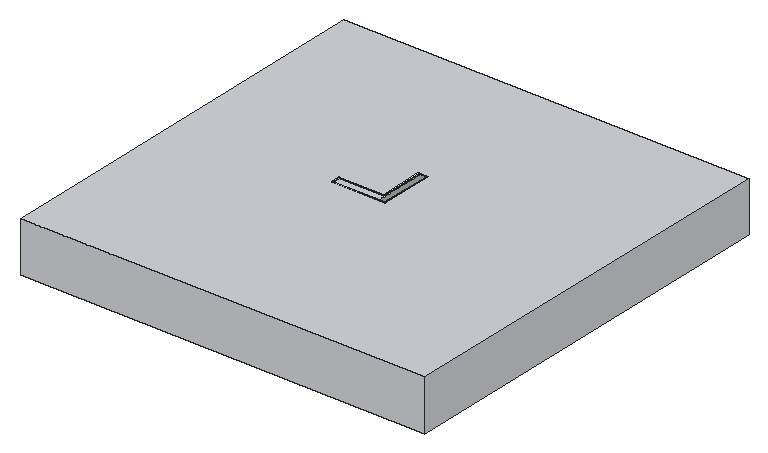
Revit family "LAMP_FIL 45 CORNER OPAL COMFORT RECESSED", category Luminarias, Revit 2018
Family settings
  Anfitrión = Cara
  Cota de conector redondo = Diámetro de uso
  Tipo de pieza = Normal
  Corte con vacíos al cargar = No
  Origen de luz = Sí
  Compartido = No
  Punto de cálculo de habitación = No
Parameters (values of type "1300LM 3000K  BLACK")
  Ángulo de inclinación = -90.00°
  Weight = 1.32 kg
  Wattage = 4.43 W
  Type = "MID POWER TRIDONIC"
  built-in parameter 1150107 = 3000 (stored number, unit not read)
  Recessed dimensions = "846x51x0"
  built-in parameter 1150110 = 1 (stored number, unit not read)
  built-in parameter 1150109 = 1 (stored number, unit not read)
  built-in parameter 1150112 = 1 (stored number, unit not read)
  built-in parameter 1150113 = 1 (stored number, unit not read)
  built-in parameter 1114218 = 1 (stored number, unit not read)
  Protection rating = "IP20 / IK07"
  Product datasheet = "http://www.lamp.es/product-files/TECH/F41RECRMOPR830NB-EN.pdf"
  Product code = "F41RECRMOPR830NB"
  Product URL = "https://www.lamp.es/en/family/fil-45_413951"
  Power Supply = "220-240V 50/60Hz"
  Power = 8 W
  Plum = 9.6 W
  Photobiological risk = ""
  NOT COVER 2 [instance] = not(END COVER 2)  # no
  NOT COVER 1 [instance] = not(END COVER 1)  # no
  built-in parameter 1150137 = (empty or 0)
  built-in parameter 1150132 = 2
  Modelo = Product code  # "F41RECRMOPR830NB"
  Model Explanation = ""
  Material suspension = LAMP_Acero genérico
  Material perfil = LAMP_Aluminio Perfil Fil NG
  Material difusor = LAMP_PC Difusor Opal Fil
  Manufacturer name = "LAMP"
  Manufacturer country = "Spain"
  Manufacturer URL = "http://www.lamp.es/en"
  MacAdam = "3"
  Last update = "15/04/2021"
  Lamp = "MID-POWER LED"
  LED Lifetime = "70.000 L80 B10"
  built-in parameter 1150105 = 33.212 (stored number, unit not read)
  built-in parameter 1150102 = (empty or 0)
  Insulation class = "I"
  Installation instructions = "https://www.lamp.es/product-files/INS/1004580-C%20INSTR.%20FIL45.pdf"
  Indirect light = LAMP_FIL 45 CORNER OPAL COMFORT RECESSED_INDIRECT : 1300LM 3000K  BLACK
  built-in parameter 1150106 = 0.33212 (stored number, unit not read)
  IEE = "A+"
  Gear = "Electronic"
  Lumens = 417.35 lm
  Finish = "Matte black RAL 9011"
  Color Filter = 16777215
  built-in parameter 1114217 = 1 (stored number, unit not read)
  built-in parameter 1150139 = (empty or 0)
  Fabricante = Manufacturer name  # "LAMP"
  Default Elevation = 1219.2 mm
  built-in parameter 1150104 = 8.7524 (stored number, unit not read)
  Efficacy = 86.96 lm/W
  END COVER 2 [instance] = yes
  END COVER 1 [instance] = yes
  Dimensions = "318x318"
  Descripción = "FIL45 CORNER REC 1300 WW OP COMF BK."
  built-in parameter 1150115 = 1 (stored number, unit not read)
  built-in parameter 1150114 = 1 (stored number, unit not read)
  built-in parameter 1150138 = (empty or 0)
  built-in parameter 1150134 = 3
  Dimming Lamp Color Temperature Shift = (empty or 0)
  CRI = "80"
  Archivo de red fotométrica = "F41RECRMOPR830NB.IES"
  built-in parameter 1150133 = 10 (stored number, unit not read)
Types (12, lengths in mm): name | built-in parameter 1150107 | Product datasheet | Product code | Modelo | Material perfil | built-in parameter 1150105 | Indirect light | built-in parameter 1150106 | Lumens | Finish | built-in parameter 1150104 | Efficacy | Descripción | Archivo de red fotométrica
  1300LM 3000K DALI BLACK | 3000 (stored number, unit not read) | "http://www.lamp.es/product-files/TECH/F41RECRMOPR830DB-EN.pdf" | "F41RECRMOPR830DB" | "F41RECRMOPR830DB" | LAMP_Aluminio Perfil Fil NG | 33.212 (stored number, unit not read) | LAMP_FIL 45 CORNER OPAL COMFORT RECESSED_INDIRECT : 1300LM 3000K  BLACK | 0.33212 (stored number, unit not read) | 417.35 lm | "Matte black RAL 9011" | 8.7524 (stored number, unit not read) | 86.96 lm/W | "FIL45 CORNER REC 1300 WW OP COMF DALI BK" | "F41RECRMOPR830nB.IES"
  1300LM 3000K DALI GREY | 3000 (stored number, unit not read) | "http://www.lamp.es/product-files/TECH/F41RECRMOPR830DG-EN.pdf" | "F41RECRMOPR830DG" | "F41RECRMOPR830DG" | LAMP_Aluminio Perfil Fil GR | 33.212 (stored number, unit not read) | LAMP_FIL 45 CORNER OPAL COMFORT RECESSED_INDIRECT : 1300LM 3000K  BLACK | 0.33212 (stored number, unit not read) | 417.35 lm | "Gloss grey" | 8.7524 (stored number, unit not read) | 86.96 lm/W | "FIL45 CORNER REC 1300 WW OP COMF DALI GR" | "F41RECRMOPR830nG.IES"
  1300LM 3000K DALI WHITE | 3000 (stored number, unit not read) | "http://www.lamp.es/product-files/TECH/F41RECRMOPR830DW-EN.pdf" | "F41RECRMOPR830DW" | "F41RECRMOPR830DW" | LAMP_Aluminio Perfil Fil BL | 33.212 (stored number, unit not read) | LAMP_FIL 45 CORNER OPAL COMFORT RECESSED_INDIRECT : 1300LM 3000K  BLACK | 0.33212 (stored number, unit not read) | 417.35 lm | "Matte white RAL 9010" | 8.7524 (stored number, unit not read) | 86.96 lm/W | "FIL45 CORNER REC 1300 WW OP COMF DALI WH" | "F41RECRMOPR830nW.IES"
  1300LM 3000K  BLACK | 3000 (stored number, unit not read) | "http://www.lamp.es/product-files/TECH/F41RECRMOPR830NB-EN.pdf" | "F41RECRMOPR830NB" | "F41RECRMOPR830NB" | LAMP_Aluminio Perfil Fil NG | 33.212 (stored number, unit not read) | LAMP_FIL 45 CORNER OPAL COMFORT RECESSED_INDIRECT : 1300LM 3000K  BLACK | 0.33212 (stored number, unit not read) | 417.35 lm | "Matte black RAL 9011" | 8.7524 (stored number, unit not read) | 86.96 lm/W | "FIL45 CORNER REC 1300 WW OP COMF BK." | "F41RECRMOPR830NB.IES"
  1300LM 3000K  GREY | 3000 (stored number, unit not read) | "http://www.lamp.es/product-files/TECH/F41RECRMOPR830NG-EN.pdf" | "F41RECRMOPR830NG" | "F41RECRMOPR830NG" | LAMP_Aluminio Perfil Fil GR | 33.212 (stored number, unit not read) | LAMP_FIL 45 CORNER OPAL COMFORT RECESSED_INDIRECT : 1300LM 3000K  BLACK | 0.33212 (stored number, unit not read) | 417.35 lm | "Gloss grey" | 8.7524 (stored number, unit not read) | 86.96 lm/W | "FIL45 CORNER REC 1300 WW OP COMF GR." | "F41RECRMOPR830NG.IES"
  1300LM 3000K  WHITE | 3000 (stored number, unit not read) | "http://www.lamp.es/product-files/TECH/F41RECRMOPR830NW-EN.pdf" | "F41RECRMOPR830NW" | "F41RECRMOPR830NW" | LAMP_Aluminio Perfil Fil BL | 33.212 (stored number, unit not read) | LAMP_FIL 45 CORNER OPAL COMFORT RECESSED_INDIRECT : 1300LM 3000K  BLACK | 0.33212 (stored number, unit not read) | 417.35 lm | "Matte white RAL 9010" | 8.7524 (stored number, unit not read) | 86.96 lm/W | "FIL45 CORNER REC 1300 WW OP COMF WH." | "F41RECRMOPR830NW.IES"
  1300LM 4000K DALI BLACK | 4000 (stored number, unit not read) | "http://www.lamp.es/product-files/TECH/F41RECRMOPR840DB-EN.pdf" | "F41RECRMOPR840DB" | "F41RECRMOPR840DB" | LAMP_Aluminio Perfil Fil NG | 34.854 (stored number, unit not read) | LAMP_FIL 45 CORNER OPAL COMFORT RECESSED_INDIRECT : 1300LM 4000K  BLACK | 0.34854 (stored number, unit not read) | 437.994 lm | "Matte black RAL 9011" | 9.1853 (stored number, unit not read) | 91.35 lm/W | "FIL45 CORNER REC 1300 NW OP COMF DALI BK" | "F41RECRMOPR840nB.IES"
  1300LM 4000K DALI GREY | 4000 (stored number, unit not read) | "http://www.lamp.es/product-files/TECH/F41RECRMOPR840DG-EN.pdf" | "F41RECRMOPR840DG" | "F41RECRMOPR840DG" | LAMP_Aluminio Perfil Fil GR | 34.854 (stored number, unit not read) | LAMP_FIL 45 CORNER OPAL COMFORT RECESSED_INDIRECT : 1300LM 4000K  BLACK | 0.34854 (stored number, unit not read) | 437.994 lm | "Gloss grey" | 9.1853 (stored number, unit not read) | 91.35 lm/W | "FIL45 CORNER REC 1300 NW OP COMF DALI GR" | "F41RECRMOPR840nG.IES"
  1300LM 4000K DALI WHITE | 4000 (stored number, unit not read) | "http://www.lamp.es/product-files/TECH/F41RECRMOPR840DW-EN.pdf" | "F41RECRMOPR840DW" | "F41RECRMOPR840DW" | LAMP_Aluminio Perfil Fil BL | 34.854 (stored number, unit not read) | LAMP_FIL 45 CORNER OPAL COMFORT RECESSED_INDIRECT : 1300LM 4000K  BLACK | 0.34854 (stored number, unit not read) | 437.994 lm | "Matte white RAL 9010" | 9.1853 (stored number, unit not read) | 91.35 lm/W | "FIL45 CORNER REC 1300 NW OP COMF DALI WH" | "F41RECRMOPR840nW.IES"
  1300LM 4000K  BLACK | 4000 (stored number, unit not read) | "http://www.lamp.es/product-files/TECH/F41RECRMOPR840NB-EN.pdf" | "F41RECRMOPR840NB" | "F41RECRMOPR840NB" | LAMP_Aluminio Perfil Fil NG | 34.854 (stored number, unit not read) | LAMP_FIL 45 CORNER OPAL COMFORT RECESSED_INDIRECT : 1300LM 4000K  BLACK | 0.34854 (stored number, unit not read) | 437.994 lm | "Matte black RAL 9011" | 9.1853 (stored number, unit not read) | 91.35 lm/W | "FIL45 CORNER REC 1300 NW OP COMF BK." | "F41RECRMOPR840NB.IES"
  1300LM 4000K  GREY | 4000 (stored number, unit not read) | "http://www.lamp.es/product-files/TECH/F41RECRMOPR840NG-EN.pdf" | "F41RECRMOPR840NG" | "F41RECRMOPR840NG" | LAMP_Aluminio Perfil Fil GR | 34.854 (stored number, unit not read) | LAMP_FIL 45 CORNER OPAL COMFORT RECESSED_INDIRECT : 1300LM 4000K  BLACK | 0.34854 (stored number, unit not read) | 437.994 lm | "Gloss grey" | 9.1853 (stored number, unit not read) | 91.35 lm/W | "FIL45 CORNER REC 1300 NW OP COMF GR." | "F41RECRMOPR840NG.IES"
  1300LM 4000K  WHITE | 4000 (stored number, unit not read) | "http://www.lamp.es/product-files/TECH/F41RECRMOPR840NW-EN.pdf" | "F41RECRMOPR840NW" | "F41RECRMOPR840NW" | LAMP_Aluminio Perfil Fil BL | 34.854 (stored number, unit not read) | LAMP_FIL 45 CORNER OPAL COMFORT RECESSED_INDIRECT : 1300LM 4000K  BLACK | 0.34854 (stored number, unit not read) | 437.994 lm | "Matte white RAL 9010" | 9.1853 (stored number, unit not read) | 91.35 lm/W | "FIL45 CORNER REC 1300 NW OP COMF WH." | "F41RECRMOPR840NW.IES"
Reference planes
  plane 1 "Centro (Frontal/Posterior)": y = 0
  plane 2: z = 0
  plane 3 "Centro (Izquierda/Derecha)": x = 0
Forms (mm)
  Extrusion 1, solid
    sketch origin (0, 0, 0) x (1, 0, 0) y (0, 1, 0)
      loop
        line (-1219.2, 1219.2) -> (-1219.2, -1219.2) -> (1219.2, -1219.2) -> (1219.2, 1219.2) -> (-1219.2, 1219.2)
    from 0 to -304.8
  Sweep 2, solid, material "LAMP_Aluminio Perfil Fil NG" <- "Material perfil"
    path origin (0, 0, 0) x (1, 0, 0) y (0, 1, 0)
      loop
        line (0, 290.5) -> (0, 0) -> (-290.5, 0)
    profile origin (-145.25, 0, 0) x (0, -1, 0) y (0, 0, 1)
      loop
        line (-17.8, -24) -> (-21.5, -24) -> (-21.5, 0) -> (-27.5, 0) -> (-27.5, -1.2) -> (-22.5, -1.2) -> (-22.5, -76.5) -> (22.5, -76.5) -> (22.5, -1.2) -> (27.5, -1.2) -> (27.5, 0) -> (21.5, 0) -> (21.5, -24) -> (17.8, -24) -> (0, -24) -> (-17.8, -24)
  Sweep 3, solid, material "LAMP_PC Difusor Opal Fil" <- "Material difusor"
    path origin (0, 0, 0) x (1, 0, 0) y (0, 1, 0)
      loop
        line (0, 290.5) -> (0, 0) -> (-290.5, 0)
    profile origin (-145.25, 0, 0) x (0, -1, 0) y (0, 0, 1)
      loop
        line (21.5, 0) -> (-21.5, 0) -> (-21.5, -1.2) -> (21.5, -1.2) -> (21.5, 0)
Text (mm)
  text "Any modification of the parameters and properties of the LAMP BIM models must be executed and validated by the LAMP technical department.\nPhone: +34 93 736 68 00\nE-mail: lamp@lamp.es\n\nLAMP reserves the right to modify the technical specifications of its products." at (3249.303, 5266.069, -2786.139), in view "Preview"
Dimensions and locks
  aligned and locked: plane 2 to Extrusion 1
  aligned and locked: level to Extrusion 1
Nested families
  nested 1: "LAMP_FIL 45 END COVER RECESSED" at (-291.5, 0, -76.5) x (0, -1, 0) z (0, 0, 1), visible <- "END COVER 1", type "Blanco"
  nested 2: "LAMP_FIL 45 END COVER RECESSED" at (0, 291.5, -76.5) x (-1, 0, 0) z (0, 0, 1), visible <- "END COVER 2", type "Blanco"
  nested 3: "LAMP_FIL 45 CORNER OPAL COMFORT RECESSED_INDIRECT" at (-156, 0, -1500), type "1300LM 3000K  BLACK"
Connectors
  electrical at (-96.833, 96.833, -76.5)
    settings: on Sweep 2, index 1, voltage 230 V, apparent load 0 VA, apparent load phase1 0 VA, apparent load phase2 0 VA, apparent load phase3 0 VA, power factor 1, load classification "Otro", number of poles 1, system type 31, power factor state 1, is connector primary yes, connector utility no, sub classification motor no, connector description ""
Definition of nested family "LAMP_FIL 45 END COVER RECESSED"
  Parameters (values of type "LAMP_FIL 45 END COVER RECESSED")
    Material tapa = none
  Reference planes
    plane 1 "Centro (Frontal/Posterior)": y = 0
    plane 2: z = 0
    plane 3 "Centro (Izquierda/Derecha)": x = 0
  Forms (mm)
    Extrusion 1, solid, material <- "Material tapa"
      sketch origin (0, 0, 76.8) x (0, -1, 0) y (0, 0, -1)
        loop
          line (1, 1.5) -> (1, 76.8) -> (-1, 76.8) -> (-1, 0.3) -> (4.5, 0.3) -> (4.5, 1.5) -> (1, 1.5)
      from -27.5 to 27.5
    Extrusion 2, void
      sketch origin (0, 0, 0) x (1, 0, 0) y (0, 0, 1)
        loop
          line (27.5, 75.3) -> (22.5, 75.3) -> (22.5, 0) -> (27.5, 0) -> (27.5, 75.3)
      from -23.5 to 23.5
    Extrusion 3, void
      sketch origin (0, 0, 0) x (1, 0, 0) y (0, 0, 1)
        loop
          line (-27.5, 75.3) -> (-27.5, 0) -> (-22.5, 0) -> (-22.5, 75.3) -> (-27.5, 75.3)
      from -23.5 to 23.5
  Cuts and joins
    Extrusion 2, Extrusion 3 cuts Extrusion 1
  Dimensions and locks
    aligned and locked: level to plane 2
Definition of nested family "LAMP_FIL 45 CORNER OPAL COMFORT RECESSED_INDIRECT"
  Parameters (values of type "1300LM 4000K  BLACK")
    Tilt Angle = -90.00°
    Wattage = 4.43 W
    built-in parameter 1150110 = 1 (stored number, unit not read)
    built-in parameter 1114217 = 1 (stored number, unit not read)
    built-in parameter 1150109 = 1 (stored number, unit not read)
    built-in parameter 1150134 = 12
    built-in parameter 1150113 = 1 (stored number, unit not read)
    Lumens = 437.994 lm
    built-in parameter 1150115 = 1 (stored number, unit not read)
    built-in parameter 1150105 = 166.61 (stored number, unit not read)
    built-in parameter 1150137 = (empty or 0)
    built-in parameter 1150139 = (empty or 0)
    built-in parameter 1150112 = 1 (stored number, unit not read)
    built-in parameter 1150114 = 1 (stored number, unit not read)
    built-in parameter 1150132 = 2
    built-in parameter 1150102 = (empty or 0)
    built-in parameter 1150138 = (empty or 0)
    built-in parameter 1150107 = 4000 (stored number, unit not read)
    built-in parameter 1150106 = 1.6661 (stored number, unit not read)
    built-in parameter 1150104 = 9.1853 (stored number, unit not read)
    Dimming Lamp Color Temperature Shift = (empty or 0)
    Color Filter = 16777215
    built-in parameter 1114218 = 1 (stored number, unit not read)
    Photometric Web File = "F41SF084MOPR840NB.IES"
    built-in parameter 1150133 = 10 (stored number, unit not read)
  Types (3, lengths in mm): name | built-in parameter 1150134 | Lumens | built-in parameter 1150105 | built-in parameter 1150107 | built-in parameter 1150106 | built-in parameter 1150104 | Photometric Web File
    (no name) | 12 | 437.994 lm | 166.61 (stored number, unit not read) | 4000 (stored number, unit not read) | 1.6661 (stored number, unit not read) | 9.1853 (stored number, unit not read) | "F41SF084MOPR840NB.IES"
    1300LM 3000K  BLACK | (empty or 0) | 417.35 lm | 158.76 (stored number, unit not read) | 3000 (stored number, unit not read) | 1.5876 (stored number, unit not read) | 8.7524 (stored number, unit not read) | "F41SF084MOPR830NB.IES"
    1300LM 4000K  BLACK | 12 | 437.994 lm | 166.61 (stored number, unit not read) | 4000 (stored number, unit not read) | 1.6661 (stored number, unit not read) | 9.1853 (stored number, unit not read) | "F41SF084MOPR840NB.IES"
  Reference planes
    plane 1 "Eje de origen de luz (F/P)": y = 0
    plane 2: z = 0
    plane 3 "Eje de origen de luz (I/D)": x = 0
    plane 4 "Elevación de origen de luz": z = 1500
  Dimensions and locks
    aligned and locked: plane 3 "Eje de origen de luz (I/D)" to imposter light
    aligned and locked: plane 1 "Eje de origen de luz (F/P)" to imposter light
    aligned and locked: plane 4 "Elevación de origen de luz" to imposter light
    aligned and locked: level to plane 2
